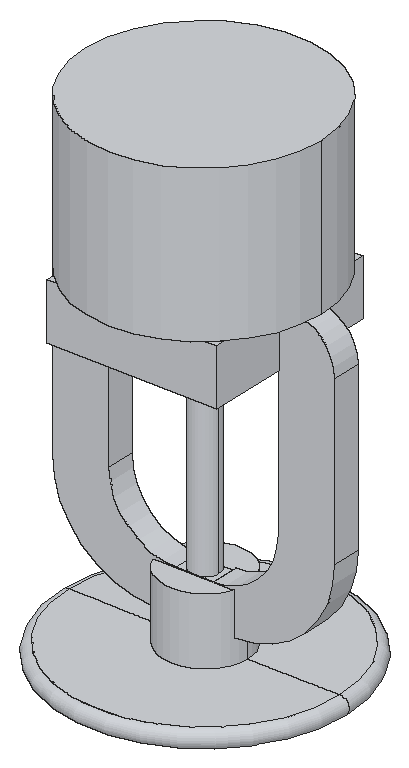
Revit family
Parameters (values of type "RASCO F1FR-300 PENDENT")
  Temperature Rating = 200 °F
  Response = 1
  RASCO SIN # = "R5612"
  RASCO Part # = "F1FRP2LB3"
  Pressure Rating = "300 PSI"
  Pressure Class = 1
  Orifice Size = 17/32"
  Orifice = (empty or 0)
  Model = "F1FR-300"
  Manufacturer = "RASCO"
  K-Factor = 8
  Description = "Bronze Finish"
  Coverage = (empty or 0)
Reference planes (in)
  plane 1 "Center (Front/Back)": y = 0
  plane 2: z = 0
  plane 3 "Center (Left/Right)": x = 0
Dimensions and locks (in)
  aligned and locked: plane 2 to level
Nested families (in)
  nested 1: "F1FRP2LB3" at (-0.01148, 0, 2.4375) x (-1, 0, 0) z (0, 0, -1), type "RASCO F1FR-300 PENDENT"
Connectors (in)
  piping at (-0.01148, 0, 2.4375)
    settings: on nested 1, index 1, connector radius 1/2", flow factor 0, pipe flow 0 GPM, pressure drop 0.00 psi, fitting loss kfactor 0, connector angle 0.00°, fixture units 0, flow configuration 0, flow direction 0, fitting loss method 0, system type 7, connector reference index -1, connector utility 0, adjustable connector no, is connector primary yes, fitting loss table "", connector description ""
Definition of nested family "F1FRP2LB3"
  Parameters (values of type "RASCO F1FR-300 PENDENT")
    Type Comments = ""
    Temperature Rating = 0 °F
    Response = (empty or 0)
    Pressure Rating = "0"
    Pressure Class = (empty or 0)
    Orifice Size = 0"
    Orifice = (empty or 0)
    Model = ""
    Manufacturer = ""
    K-Factor = 0
    Description = ""
    Coverage = (empty or 0)
    Assembly Code = ""
  Reference planes (in)
    plane 1 "Center (Front/Back)": y = 0
    plane 2: z = 0
    plane 3 "ref.2": z = 0.6875
    plane 4 "ref.3": z = 0.9375
    plane 5: x = -0.38065
    plane 6: x = 0.36935
    plane 7 "ref. side 1": y = 0.06402
    plane 8 "ref. side 2": y = -0.06098
    plane 9 "ref.4": z = 1.875
    plane 10 "ref.5": z = 2.3125
    plane 11 "ref.6": z = 2.4375
  Forms (in)
    Extrusion 1, solid
      sketch origin (0, 0, 0) x (1, 0, 0) y (0, 1, 0)
        loop
          circle (0, 0) r 0.5221
      from 0 to 0.6875
    Extrusion 2, solid
      sketch origin (-0.12185, 0.05177, 0.6875) x (1, 0, 0) y (0, 1, 0)
        loop
          line (-0.2588, 0.356) -> (-0.2588, -0.4565) -> (0.4912, -0.4565) -> (0.4912, 0.356) -> (-0.2588, 0.356)
      from 0 to 0.25
    Extrusion 3, solid
      sketch origin (0, 0, 0) x (1, 0, 0) y (0, 0, 1)
        loop
          line (-0.38065, 0.69674) -> (-0.38065, 1.58397)
          arc (-0.38065, 1.58397) -> (-0.29541, 1.78976) -> (-0.08962, 1.875) r 0.29103
          line (-0.08962, 1.875) -> (0.07524, 1.875)
          arc (0.07524, 1.875) -> (0.28321, 1.78886) -> (0.36935, 1.58089) r 0.29411
          line (0.36935, 1.58089) -> (0.36935, 0.69728)
          arc (0.36935, 0.69728) -> (0.54046, 0.72329) -> (0.61935, 0.87734) r 0.18984
          line (0.61935, 0.87734) -> (0.61935, 1.61676)
          arc (0.61935, 1.61676) -> (0.48879, 1.93194) -> (0.17361, 2.0625) r 0.44574
          line (0.17361, 2.0625) -> (-0.18509, 2.0625)
          arc (-0.18509, 2.0625) -> (-0.50015, 1.932) -> (-0.63065, 1.61694) r 0.44556
          line (-0.63065, 1.61694) -> (-0.63065, 0.87876)
          arc (-0.63065, 0.87876) -> (-0.55196, 0.72414) -> (-0.38065, 0.69674) r 0.19126
      from -0.06402 to 0.06098
    Extrusion 4, solid
      sketch origin (0, 0, 0.9375) x (-1, 0, 0) y (0, -1, 0)
        loop
          circle (0.00574, -0.00152) r 0.0625
      from 0 to 0.9375
    Extrusion 5, solid
      sketch origin (0, 0, 1.875) x (-1, 0, 0) y (0, -1, 0)
        loop
          circle (0.00574, -0.00152) r 0.1875
      from 0 to 0.4375
    Revolve 6, solid
      sketch origin (0, 0, -0.2777) x (1, 0, 0) y (0, 0, 1)
        loop
          line (-0.19324, 2.44724) -> (-0.19324, 2.52696) -> (-0.60506, 2.52696)
          arc (-0.60506, 2.52696) -> (-0.64492, 2.4871) -> (-0.60506, 2.44724) r 0.03986
          line (-0.60506, 2.44724) -> (-0.19324, 2.44724)
        axis (-0.00574, 2.44724) -> (-0.00574, 2.52696)
      angle from 0 to 360
  Cuts and joins
    joined: Extrusion 1, Extrusion 2, Extrusion 4, Revolve 6
  Lines and regions (in)
    model lines
      curve 1: line (-0.00574, 0.06402, 1.875) -> (-0.00574, -0.06098, 1.875)
  Dimensions and locks (in)
    Extrusion 3 to Extrusion 3 = 0' - 1 1/4"
    Extrusion 5 to cut or joined group of Extrusion 1, Extrusion 2, Extrusion 4, Revolve 6 = 0' - 2 5/16"
